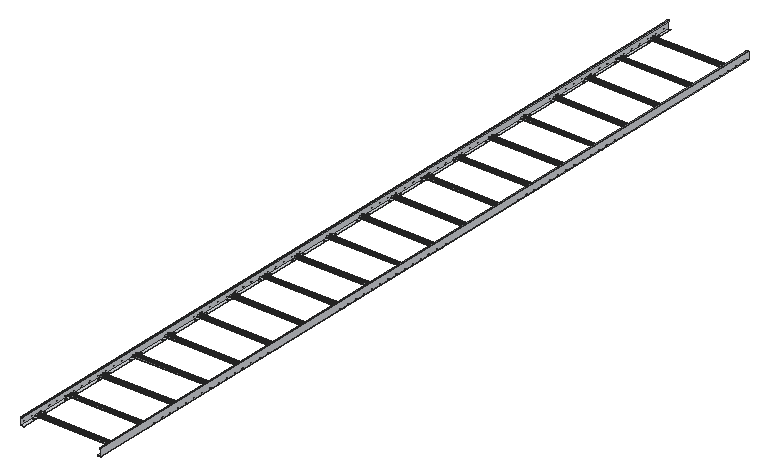
Revit family "Kabelleiter,Sprosse gelocht, geschweißt-LCIS 660 6 FS,FT,A2,A4", category Generic Models, Revit 2017 (continued)
Forms (mm)
  Extrusion 69, void
    sketch origin (0, 4950, 0) x (0, 1, 0) y (0, 0, 1)
      loop
        arc (50.5, 9.5) -> (51.207, 9.793) -> (51.5, 10.5) r 1
        line (51.5, 10.5) -> (51.5, 17.5)
        arc (51.5, 17.5) -> (51.207, 18.207) -> (50.5, 18.5) r 1
        line (50.5, 18.5) -> (24.5, 18.5)
    from 298.5 to 300
  Extrusion 70, void
    sketch origin (0, 5025, 0) x (0, 1, 0) y (0, 0, 1)
      loop
        arc (24.5, 18.5) -> (23.793, 18.207) -> (23.5, 17.5) r 1
        line (23.5, 17.5) -> (23.5, 10.5)
        arc (23.5, 10.5) -> (23.793, 9.793) -> (24.5, 9.5) r 1
        line (24.5, 9.5) -> (50.5, 9.5)
        arc (50.5, 9.5) -> (51.207, 9.793) -> (51.5, 10.5) r 1
        line (51.5, 10.5) -> (51.5, 17.5)
        arc (51.5, 17.5) -> (51.207, 18.207) -> (50.5, 18.5) r 1
        line (50.5, 18.5) -> (24.5, 18.5)
    from 298.5 to 300
  Extrusion 71, void
    sketch origin (0, 5100, 0) x (0, 1, 0) y (0, 0, 1)
      loop
        arc (24.5, 18.5) -> (23.793, 18.207) -> (23.5, 17.5) r 1
        line (23.5, 17.5) -> (23.5, 10.5)
        arc (23.5, 10.5) -> (23.793, 9.793) -> (24.5, 9.5) r 1
        line (24.5, 9.5) -> (50.5, 9.5)
        arc (50.5, 9.5) -> (51.207, 9.793) -> (51.5, 10.5) r 1
        line (51.5, 10.5) -> (51.5, 17.5)
        arc (51.5, 17.5) -> (51.207, 18.207) -> (50.5, 18.5) r 1
        line (50.5, 18.5) -> (24.5, 18.5)
    from 298.5 to 300
  Extrusion 72, void
    sketch origin (0, 5175, 0) x (0, 1, 0) y (0, 0, 1)
      loop
        arc (24.5, 18.5) -> (23.793, 18.207) -> (23.5, 17.5) r 1
        line (23.5, 17.5) -> (23.5, 10.5)
        arc (23.5, 10.5) -> (23.793, 9.793) -> (24.5, 9.5) r 1
        line (24.5, 9.5) -> (50.5, 9.5)
        arc (50.5, 9.5) -> (51.207, 9.793) -> (51.5, 10.5) r 1
        line (51.5, 10.5) -> (51.5, 17.5)
        arc (51.5, 17.5) -> (51.207, 18.207) -> (50.5, 18.5) r 1
        line (50.5, 18.5) -> (24.5, 18.5)
    from 298.5 to 300
  Extrusion 73, void
    sketch origin (0, 5250, 0) x (0, 1, 0) y (0, 0, 1)
      loop
        arc (24.5, 18.5) -> (23.793, 18.207) -> (23.5, 17.5) r 1
        line (23.5, 17.5) -> (23.5, 10.5)
        arc (23.5, 10.5) -> (23.793, 9.793) -> (24.5, 9.5) r 1
        line (24.5, 9.5) -> (50.5, 9.5)
        arc (50.5, 9.5) -> (51.207, 9.793) -> (51.5, 10.5) r 1
        line (51.5, 10.5) -> (51.5, 17.5)
        arc (51.5, 17.5) -> (51.207, 18.207) -> (50.5, 18.5) r 1
        line (50.5, 18.5) -> (24.5, 18.5)
    from 298.5 to 300
  Extrusion 74, void
    sketch origin (0, 5325, 0) x (0, 1, 0) y (0, 0, 1)
      loop
        arc (24.5, 18.5) -> (23.793, 18.207) -> (23.5, 17.5) r 1
        line (23.5, 17.5) -> (23.5, 10.5)
        arc (23.5, 10.5) -> (23.793, 9.793) -> (24.5, 9.5) r 1
        line (24.5, 9.5) -> (50.5, 9.5)
        arc (50.5, 9.5) -> (51.207, 9.793) -> (51.5, 10.5) r 1
        line (51.5, 10.5) -> (51.5, 17.5)
        arc (51.5, 17.5) -> (51.207, 18.207) -> (50.5, 18.5) r 1
        line (50.5, 18.5) -> (24.5, 18.5)
    from 298.5 to 300
  Extrusion 75, void
    sketch origin (0, 5400, 0) x (0, 1, 0) y (0, 0, 1)
      loop
        arc (24.5, 18.5) -> (23.793, 18.207) -> (23.5, 17.5) r 1
        line (23.5, 17.5) -> (23.5, 10.5)
        arc (23.5, 10.5) -> (23.793, 9.793) -> (24.5, 9.5) r 1
        line (24.5, 9.5) -> (50.5, 9.5)
        arc (50.5, 9.5) -> (51.207, 9.793) -> (51.5, 10.5) r 1
        line (51.5, 10.5) -> (51.5, 17.5)
        arc (51.5, 17.5) -> (51.207, 18.207) -> (50.5, 18.5) r 1
        line (50.5, 18.5) -> (24.5, 18.5)
    from 298.5 to 300
  Extrusion 76, void
    sketch origin (0, 5475, 0) x (0, 1, 0) y (0, 0, 1)
      loop
        arc (24.5, 18.5) -> (23.793, 18.207) -> (23.5, 17.5) r 1
        line (23.5, 17.5) -> (23.5, 10.5)
        arc (23.5, 10.5) -> (23.793, 9.793) -> (24.5, 9.5) r 1
        line (24.5, 9.5) -> (50.5, 9.5)
        arc (50.5, 9.5) -> (51.207, 9.793) -> (51.5, 10.5) r 1
        line (51.5, 10.5) -> (51.5, 17.5)
        arc (51.5, 17.5) -> (51.207, 18.207) -> (50.5, 18.5) r 1
        line (50.5, 18.5) -> (24.5, 18.5)
    from 298.5 to 300
  Extrusion 77, void
    sketch origin (0, 5550, 0) x (0, 1, 0) y (0, 0, 1)
      loop
        arc (24.5, 18.5) -> (23.793, 18.207) -> (23.5, 17.5) r 1
        line (23.5, 17.5) -> (23.5, 10.5)
        arc (23.5, 10.5) -> (23.793, 9.793) -> (24.5, 9.5) r 1
        line (24.5, 9.5) -> (50.5, 9.5)
        arc (50.5, 9.5) -> (51.207, 9.793) -> (51.5, 10.5) r 1
        line (51.5, 10.5) -> (51.5, 17.5)
        arc (51.5, 17.5) -> (51.207, 18.207) -> (50.5, 18.5) r 1
        line (50.5, 18.5) -> (24.5, 18.5)
    from 298.5 to 300
  Extrusion 78, void
    sketch origin (0, 5625, 0) x (0, 1, 0) y (0, 0, 1)
      loop
        arc (24.5, 18.5) -> (23.793, 18.207) -> (23.5, 17.5) r 1
        line (23.5, 17.5) -> (23.5, 10.5)
        arc (23.5, 10.5) -> (23.793, 9.793) -> (24.5, 9.5) r 1
        line (24.5, 9.5) -> (50.5, 9.5)
        arc (50.5, 9.5) -> (51.207, 9.793) -> (51.5, 10.5) r 1
        line (51.5, 10.5) -> (51.5, 17.5)
        arc (51.5, 17.5) -> (51.207, 18.207) -> (50.5, 18.5) r 1
        line (50.5, 18.5) -> (24.5, 18.5)
    from 298.5 to 300
  Extrusion 79, void
    sketch origin (0, 5700, 0) x (0, 1, 0) y (0, 0, 1)
      loop
        arc (24.5, 18.5) -> (23.793, 18.207) -> (23.5, 17.5) r 1
        line (23.5, 17.5) -> (23.5, 10.5)
        arc (23.5, 10.5) -> (23.793, 9.793) -> (24.5, 9.5) r 1
        line (24.5, 9.5) -> (50.5, 9.5)
        arc (50.5, 9.5) -> (51.207, 9.793) -> (51.5, 10.5) r 1
        line (51.5, 10.5) -> (51.5, 17.5)
        arc (51.5, 17.5) -> (51.207, 18.207) -> (50.5, 18.5) r 1
        line (50.5, 18.5) -> (24.5, 18.5)
    from 298.5 to 300
  Extrusion 80, void
    sketch origin (0, 5775, 0) x (0, 1, 0) y (0, 0, 1)
      loop
        arc (24.5, 18.5) -> (23.793, 18.207) -> (23.5, 17.5) r 1
        line (23.5, 17.5) -> (23.5, 10.5)
        arc (23.5, 10.5) -> (23.793, 9.793) -> (24.5, 9.5) r 1
        line (24.5, 9.5) -> (50.5, 9.5)
        arc (50.5, 9.5) -> (51.207, 9.793) -> (51.5, 10.5) r 1
        line (51.5, 10.5) -> (51.5, 17.5)
        arc (51.5, 17.5) -> (51.207, 18.207) -> (50.5, 18.5) r 1
        line (50.5, 18.5) -> (24.5, 18.5)
    from 298.5 to 300
  Extrusion 81, void
    sketch origin (0, 5850, 0) x (0, 1, 0) y (0, 0, 1)
      loop
        arc (24.5, 18.5) -> (23.793, 18.207) -> (23.5, 17.5) r 1
        line (23.5, 17.5) -> (23.5, 10.5)
        arc (23.5, 10.5) -> (23.793, 9.793) -> (24.5, 9.5) r 1
        line (24.5, 9.5) -> (50.5, 9.5)
        arc (50.5, 9.5) -> (51.207, 9.793) -> (51.5, 10.5) r 1
        line (51.5, 10.5) -> (51.5, 17.5)
        arc (51.5, 17.5) -> (51.207, 18.207) -> (50.5, 18.5) r 1
        line (50.5, 18.5) -> (24.5, 18.5)
    from 298.5 to 300
  Extrusion 82, void
    sketch origin (0, 5925, 0) x (0, 1, 0) y (0, 0, 1)
      loop
        arc (24.5, 18.5) -> (23.793, 18.207) -> (23.5, 17.5) r 1
        line (23.5, 17.5) -> (23.5, 10.5)
        arc (23.5, 10.5) -> (23.793, 9.793) -> (24.5, 9.5) r 1
        line (24.5, 9.5) -> (50.5, 9.5)
        arc (50.5, 9.5) -> (51.207, 9.793) -> (51.5, 10.5) r 1
        line (51.5, 10.5) -> (51.5, 17.5)
        arc (51.5, 17.5) -> (51.207, 18.207) -> (50.5, 18.5) r 1
        line (50.5, 18.5) -> (24.5, 18.5)
    from 298.5 to 300
  Extrusion 83, void
    sketch origin (0, 75, 0) x (0, 1, 0) y (0, 0, -1)
      loop
        line (24.5, -18.5) -> (50.5, -18.5)
        arc (50.5, -18.5) -> (51.207, -18.207) -> (51.5, -17.5) r 1
        line (51.5, -17.5) -> (51.5, -10.5)
        arc (51.5, -10.5) -> (51.207, -9.793) -> (50.5, -9.5) r 1
        line (50.5, -9.5) -> (24.5, -9.5)
        arc (24.5, -9.5) -> (23.793, -9.793) -> (23.5, -10.5) r 1
        line (23.5, -10.5) -> (23.5, -17.5)
        arc (23.5, -17.5) -> (23.793, -18.207) -> (24.5, -18.5) r 1
    from 298.5 to 300
  Extrusion 84, void
    sketch origin (0, 150, 0) x (0, 1, 0) y (0, 0, -1)
      loop
        line (24.5, -18.5) -> (50.5, -18.5)
        arc (50.5, -18.5) -> (51.207, -18.207) -> (51.5, -17.5) r 1
        line (51.5, -17.5) -> (51.5, -10.5)
        arc (51.5, -10.5) -> (51.207, -9.793) -> (50.5, -9.5) r 1
        line (50.5, -9.5) -> (24.5, -9.5)
        arc (24.5, -9.5) -> (23.793, -9.793) -> (23.5, -10.5) r 1
        line (23.5, -10.5) -> (23.5, -17.5)
        arc (23.5, -17.5) -> (23.793, -18.207) -> (24.5, -18.5) r 1
    from 298.5 to 300
  Extrusion 85, void
    sketch origin (0, 225, 0) x (0, 1, 0) y (0, 0, -1)
      loop
        line (24.5, -18.5) -> (50.5, -18.5)
        arc (50.5, -18.5) -> (51.207, -18.207) -> (51.5, -17.5) r 1
        line (51.5, -17.5) -> (51.5, -10.5)
        arc (51.5, -10.5) -> (51.207, -9.793) -> (50.5, -9.5) r 1
        line (50.5, -9.5) -> (24.5, -9.5)
        arc (24.5, -9.5) -> (23.793, -9.793) -> (23.5, -10.5) r 1
        line (23.5, -10.5) -> (23.5, -17.5)
        arc (23.5, -17.5) -> (23.793, -18.207) -> (24.5, -18.5) r 1
    from 298.5 to 300
  Extrusion 86, void
    sketch origin (0, 300, 0) x (0, 1, 0) y (0, 0, -1)
      loop
        line (24.5, -18.5) -> (50.5, -18.5)
        arc (50.5, -18.5) -> (51.207, -18.207) -> (51.5, -17.5) r 1
        line (51.5, -17.5) -> (51.5, -10.5)
        arc (51.5, -10.5) -> (51.207, -9.793) -> (50.5, -9.5) r 1
        line (50.5, -9.5) -> (24.5, -9.5)
        arc (24.5, -9.5) -> (23.793, -9.793) -> (23.5, -10.5) r 1
        line (23.5, -10.5) -> (23.5, -17.5)
        arc (23.5, -17.5) -> (23.793, -18.207) -> (24.5, -18.5) r 1
    from 298.5 to 300
  Extrusion 87, void
    sketch origin (0, 375, 0) x (0, 1, 0) y (0, 0, -1)
      loop
        line (24.5, -18.5) -> (50.5, -18.5)
        arc (50.5, -18.5) -> (51.207, -18.207) -> (51.5, -17.5) r 1
        line (51.5, -17.5) -> (51.5, -10.5)
        arc (51.5, -10.5) -> (51.207, -9.793) -> (50.5, -9.5) r 1
        line (50.5, -9.5) -> (24.5, -9.5)
        arc (24.5, -9.5) -> (23.793, -9.793) -> (23.5, -10.5) r 1
        line (23.5, -10.5) -> (23.5, -17.5)
        arc (23.5, -17.5) -> (23.793, -18.207) -> (24.5, -18.5) r 1
    from 298.5 to 300
  Extrusion 88, void
    sketch origin (0, 450, 0) x (0, 1, 0) y (0, 0, -1)
      loop
        line (24.5, -18.5) -> (50.5, -18.5)
        arc (50.5, -18.5) -> (51.207, -18.207) -> (51.5, -17.5) r 1
        line (51.5, -17.5) -> (51.5, -10.5)
        arc (51.5, -10.5) -> (51.207, -9.793) -> (50.5, -9.5) r 1
        line (50.5, -9.5) -> (24.5, -9.5)
        arc (24.5, -9.5) -> (23.793, -9.793) -> (23.5, -10.5) r 1
        line (23.5, -10.5) -> (23.5, -17.5)
        arc (23.5, -17.5) -> (23.793, -18.207) -> (24.5, -18.5) r 1
    from 298.5 to 300
  Extrusion 89, void
    sketch origin (0, 525, 0) x (0, 1, 0) y (0, 0, -1)
      loop
        line (24.5, -18.5) -> (50.5, -18.5)
        arc (50.5, -18.5) -> (51.207, -18.207) -> (51.5, -17.5) r 1
        line (51.5, -17.5) -> (51.5, -10.5)
        arc (51.5, -10.5) -> (51.207, -9.793) -> (50.5, -9.5) r 1
        line (50.5, -9.5) -> (24.5, -9.5)
        arc (24.5, -9.5) -> (23.793, -9.793) -> (23.5, -10.5) r 1
        line (23.5, -10.5) -> (23.5, -17.5)
        arc (23.5, -17.5) -> (23.793, -18.207) -> (24.5, -18.5) r 1
    from 298.5 to 300
  Extrusion 90, void
    sketch origin (0, 600, 0) x (0, 1, 0) y (0, 0, -1)
      loop
        line (24.5, -18.5) -> (50.5, -18.5)
        arc (50.5, -18.5) -> (51.207, -18.207) -> (51.5, -17.5) r 1
        line (51.5, -17.5) -> (51.5, -10.5)
        arc (51.5, -10.5) -> (51.207, -9.793) -> (50.5, -9.5) r 1
        line (50.5, -9.5) -> (24.5, -9.5)
        arc (24.5, -9.5) -> (23.793, -9.793) -> (23.5, -10.5) r 1
        line (23.5, -10.5) -> (23.5, -17.5)
        arc (23.5, -17.5) -> (23.793, -18.207) -> (24.5, -18.5) r 1
    from 298.5 to 300
  Extrusion 91, void
    sketch origin (0, 675, 0) x (0, 1, 0) y (0, 0, -1)
      loop
        line (24.5, -18.5) -> (50.5, -18.5)
        arc (50.5, -18.5) -> (51.207, -18.207) -> (51.5, -17.5) r 1
        line (51.5, -17.5) -> (51.5, -10.5)
        arc (51.5, -10.5) -> (51.207, -9.793) -> (50.5, -9.5) r 1
        line (50.5, -9.5) -> (24.5, -9.5)
        arc (24.5, -9.5) -> (23.793, -9.793) -> (23.5, -10.5) r 1
        line (23.5, -10.5) -> (23.5, -17.5)
        arc (23.5, -17.5) -> (23.793, -18.207) -> (24.5, -18.5) r 1
    from 298.5 to 300
  Extrusion 92, void
    sketch origin (0, 750, 0) x (0, 1, 0) y (0, 0, -1)
      loop
        line (24.5, -18.5) -> (50.5, -18.5)
        arc (50.5, -18.5) -> (51.207, -18.207) -> (51.5, -17.5) r 1
        line (51.5, -17.5) -> (51.5, -10.5)
        arc (51.5, -10.5) -> (51.207, -9.793) -> (50.5, -9.5) r 1
        line (50.5, -9.5) -> (24.5, -9.5)
        arc (24.5, -9.5) -> (23.793, -9.793) -> (23.5, -10.5) r 1
        line (23.5, -10.5) -> (23.5, -17.5)
        arc (23.5, -17.5) -> (23.793, -18.207) -> (24.5, -18.5) r 1
    from 298.5 to 300
  Extrusion 93, void
    sketch origin (0, 825, 0) x (0, 1, 0) y (0, 0, -1)
      loop
        line (24.5, -18.5) -> (50.5, -18.5)
        arc (50.5, -18.5) -> (51.207, -18.207) -> (51.5, -17.5) r 1
        line (51.5, -17.5) -> (51.5, -10.5)
        arc (51.5, -10.5) -> (51.207, -9.793) -> (50.5, -9.5) r 1
        line (50.5, -9.5) -> (24.5, -9.5)
        arc (24.5, -9.5) -> (23.793, -9.793) -> (23.5, -10.5) r 1
        line (23.5, -10.5) -> (23.5, -17.5)
        arc (23.5, -17.5) -> (23.793, -18.207) -> (24.5, -18.5) r 1
    from 298.5 to 300
  Extrusion 94, void
    sketch origin (0, 900, 0) x (0, 1, 0) y (0, 0, -1)
      loop
        line (24.5, -18.5) -> (50.5, -18.5)
        arc (50.5, -18.5) -> (51.207, -18.207) -> (51.5, -17.5) r 1
        line (51.5, -17.5) -> (51.5, -10.5)
        arc (51.5, -10.5) -> (51.207, -9.793) -> (50.5, -9.5) r 1
        line (50.5, -9.5) -> (24.5, -9.5)
        arc (24.5, -9.5) -> (23.793, -9.793) -> (23.5, -10.5) r 1
        line (23.5, -10.5) -> (23.5, -17.5)
        arc (23.5, -17.5) -> (23.793, -18.207) -> (24.5, -18.5) r 1
    from 298.5 to 300
  Extrusion 95, void
    sketch origin (0, 975, 0) x (0, 1, 0) y (0, 0, -1)
      loop
        line (24.5, -18.5) -> (50.5, -18.5)
        arc (50.5, -18.5) -> (51.207, -18.207) -> (51.5, -17.5) r 1
        line (51.5, -17.5) -> (51.5, -10.5)
        arc (51.5, -10.5) -> (51.207, -9.793) -> (50.5, -9.5) r 1
        line (50.5, -9.5) -> (24.5, -9.5)
        arc (24.5, -9.5) -> (23.793, -9.793) -> (23.5, -10.5) r 1
        line (23.5, -10.5) -> (23.5, -17.5)
        arc (23.5, -17.5) -> (23.793, -18.207) -> (24.5, -18.5) r 1
    from 298.5 to 300
  Extrusion 96, void
    sketch origin (0, 1050, 0) x (0, 1, 0) y (0, 0, -1)
      loop
        line (24.5, -18.5) -> (50.5, -18.5)
        arc (50.5, -18.5) -> (51.207, -18.207) -> (51.5, -17.5) r 1
        line (51.5, -17.5) -> (51.5, -10.5)
        arc (51.5, -10.5) -> (51.207, -9.793) -> (50.5, -9.5) r 1
        line (50.5, -9.5) -> (24.5, -9.5)
        arc (24.5, -9.5) -> (23.793, -9.793) -> (23.5, -10.5) r 1
        line (23.5, -10.5) -> (23.5, -17.5)
        arc (23.5, -17.5) -> (23.793, -18.207) -> (24.5, -18.5) r 1
    from 298.5 to 300
  Extrusion 97, void
    sketch origin (0, 1125, 0) x (0, 1, 0) y (0, 0, -1)
      loop
        line (24.5, -18.5) -> (50.5, -18.5)
        arc (50.5, -18.5) -> (51.207, -18.207) -> (51.5, -17.5) r 1
        line (51.5, -17.5) -> (51.5, -10.5)
        arc (51.5, -10.5) -> (51.207, -9.793) -> (50.5, -9.5) r 1
        line (50.5, -9.5) -> (24.5, -9.5)
        arc (24.5, -9.5) -> (23.793, -9.793) -> (23.5, -10.5) r 1
        line (23.5, -10.5) -> (23.5, -17.5)
        arc (23.5, -17.5) -> (23.793, -18.207) -> (24.5, -18.5) r 1
    from 298.5 to 300
  Extrusion 98, void
    sketch origin (0, 1200, 0) x (0, 1, 0) y (0, 0, -1)
      loop
        line (24.5, -18.5) -> (50.5, -18.5)
        arc (50.5, -18.5) -> (51.207, -18.207) -> (51.5, -17.5) r 1
        line (51.5, -17.5) -> (51.5, -10.5)
        arc (51.5, -10.5) -> (51.207, -9.793) -> (50.5, -9.5) r 1
        line (50.5, -9.5) -> (24.5, -9.5)
        arc (24.5, -9.5) -> (23.793, -9.793) -> (23.5, -10.5) r 1
        line (23.5, -10.5) -> (23.5, -17.5)
        arc (23.5, -17.5) -> (23.793, -18.207) -> (24.5, -18.5) r 1
    from 298.5 to 300
  Extrusion 99, void
    sketch origin (0, 1275, 0) x (0, 1, 0) y (0, 0, -1)
      loop
        line (24.5, -18.5) -> (50.5, -18.5)
        arc (50.5, -18.5) -> (51.207, -18.207) -> (51.5, -17.5) r 1
        line (51.5, -17.5) -> (51.5, -10.5)
        arc (51.5, -10.5) -> (51.207, -9.793) -> (50.5, -9.5) r 1
        line (50.5, -9.5) -> (24.5, -9.5)
        arc (24.5, -9.5) -> (23.793, -9.793) -> (23.5, -10.5) r 1
        line (23.5, -10.5) -> (23.5, -17.5)
        arc (23.5, -17.5) -> (23.793, -18.207) -> (24.5, -18.5) r 1
    from 298.5 to 300
  Extrusion 100, void
    sketch origin (0, 1350, 0) x (0, 1, 0) y (0, 0, -1)
      loop
        line (24.5, -18.5) -> (50.5, -18.5)
        arc (50.5, -18.5) -> (51.207, -18.207) -> (51.5, -17.5) r 1
        line (51.5, -17.5) -> (51.5, -10.5)
        arc (51.5, -10.5) -> (51.207, -9.793) -> (50.5, -9.5) r 1
        line (50.5, -9.5) -> (24.5, -9.5)
        arc (24.5, -9.5) -> (23.793, -9.793) -> (23.5, -10.5) r 1
        line (23.5, -10.5) -> (23.5, -17.5)
        arc (23.5, -17.5) -> (23.793, -18.207) -> (24.5, -18.5) r 1
    from 298.5 to 300
  Extrusion 101, void
    sketch origin (0, 1425, 0) x (0, 1, 0) y (0, 0, -1)
      loop
        line (24.5, -18.5) -> (50.5, -18.5)
        arc (50.5, -18.5) -> (51.207, -18.207) -> (51.5, -17.5) r 1
        line (51.5, -17.5) -> (51.5, -10.5)
        arc (51.5, -10.5) -> (51.207, -9.793) -> (50.5, -9.5) r 1
        line (50.5, -9.5) -> (24.5, -9.5)
        arc (24.5, -9.5) -> (23.793, -9.793) -> (23.5, -10.5) r 1
        line (23.5, -10.5) -> (23.5, -17.5)
        arc (23.5, -17.5) -> (23.793, -18.207) -> (24.5, -18.5) r 1
    from 298.5 to 300
  Extrusion 102, void
    sketch origin (0, 1500, 0) x (0, 1, 0) y (0, 0, -1)
      loop
        line (24.5, -18.5) -> (50.5, -18.5)
        arc (50.5, -18.5) -> (51.207, -18.207) -> (51.5, -17.5) r 1
        line (51.5, -17.5) -> (51.5, -10.5)
        arc (51.5, -10.5) -> (51.207, -9.793) -> (50.5, -9.5) r 1
        line (50.5, -9.5) -> (24.5, -9.5)
        arc (24.5, -9.5) -> (23.793, -9.793) -> (23.5, -10.5) r 1
        line (23.5, -10.5) -> (23.5, -17.5)
        arc (23.5, -17.5) -> (23.793, -18.207) -> (24.5, -18.5) r 1
    from 298.5 to 300
  Extrusion 103, void
    sketch origin (0, 1575, 0) x (0, 1, 0) y (0, 0, -1)
      loop
        line (24.5, -18.5) -> (50.5, -18.5)
        arc (50.5, -18.5) -> (51.207, -18.207) -> (51.5, -17.5) r 1
        line (51.5, -17.5) -> (51.5, -10.5)
        arc (51.5, -10.5) -> (51.207, -9.793) -> (50.5, -9.5) r 1
        line (50.5, -9.5) -> (24.5, -9.5)
        arc (24.5, -9.5) -> (23.793, -9.793) -> (23.5, -10.5) r 1
        line (23.5, -10.5) -> (23.5, -17.5)
        arc (23.5, -17.5) -> (23.793, -18.207) -> (24.5, -18.5) r 1
    from 298.5 to 300
  Extrusion 104, void
    sketch origin (0, 1650, 0) x (0, 1, 0) y (0, 0, -1)
      loop
        line (24.5, -18.5) -> (50.5, -18.5)
        arc (50.5, -18.5) -> (51.207, -18.207) -> (51.5, -17.5) r 1
        line (51.5, -17.5) -> (51.5, -10.5)
        arc (51.5, -10.5) -> (51.207, -9.793) -> (50.5, -9.5) r 1
        line (50.5, -9.5) -> (24.5, -9.5)
        arc (24.5, -9.5) -> (23.793, -9.793) -> (23.5, -10.5) r 1
        line (23.5, -10.5) -> (23.5, -17.5)
        arc (23.5, -17.5) -> (23.793, -18.207) -> (24.5, -18.5) r 1
    from 298.5 to 300
  Extrusion 105, void
    sketch origin (0, 1725, 0) x (0, 1, 0) y (0, 0, -1)
      loop
        line (24.5, -18.5) -> (50.5, -18.5)
        arc (50.5, -18.5) -> (51.207, -18.207) -> (51.5, -17.5) r 1
        line (51.5, -17.5) -> (51.5, -10.5)
        arc (51.5, -10.5) -> (51.207, -9.793) -> (50.5, -9.5) r 1
        line (50.5, -9.5) -> (24.5, -9.5)
        arc (24.5, -9.5) -> (23.793, -9.793) -> (23.5, -10.5) r 1
        line (23.5, -10.5) -> (23.5, -17.5)
        arc (23.5, -17.5) -> (23.793, -18.207) -> (24.5, -18.5) r 1
    from 298.5 to 300
  Extrusion 106, void
    sketch origin (0, 1800, 0) x (0, 1, 0) y (0, 0, -1)
      loop
        line (24.5, -18.5) -> (50.5, -18.5)
        arc (50.5, -18.5) -> (51.207, -18.207) -> (51.5, -17.5) r 1
        line (51.5, -17.5) -> (51.5, -10.5)
        arc (51.5, -10.5) -> (51.207, -9.793) -> (50.5, -9.5) r 1
        line (50.5, -9.5) -> (24.5, -9.5)
        arc (24.5, -9.5) -> (23.793, -9.793) -> (23.5, -10.5) r 1
        line (23.5, -10.5) -> (23.5, -17.5)
        arc (23.5, -17.5) -> (23.793, -18.207) -> (24.5, -18.5) r 1
    from 298.5 to 300
  Extrusion 107, void
    sketch origin (0, 1875, 0) x (0, 1, 0) y (0, 0, -1)
      loop
        line (24.5, -18.5) -> (50.5, -18.5)
        arc (50.5, -18.5) -> (51.207, -18.207) -> (51.5, -17.5) r 1
        line (51.5, -17.5) -> (51.5, -10.5)
        arc (51.5, -10.5) -> (51.207, -9.793) -> (50.5, -9.5) r 1
        line (50.5, -9.5) -> (24.5, -9.5)
        arc (24.5, -9.5) -> (23.793, -9.793) -> (23.5, -10.5) r 1
        line (23.5, -10.5) -> (23.5, -17.5)
        arc (23.5, -17.5) -> (23.793, -18.207) -> (24.5, -18.5) r 1
    from 298.5 to 300
  Extrusion 108, void
    sketch origin (0, 1950, 0) x (0, 1, 0) y (0, 0, -1)
      loop
        line (24.5, -18.5) -> (50.5, -18.5)
        arc (50.5, -18.5) -> (51.207, -18.207) -> (51.5, -17.5) r 1
        line (51.5, -17.5) -> (51.5, -10.5)
        arc (51.5, -10.5) -> (51.207, -9.793) -> (50.5, -9.5) r 1
        line (50.5, -9.5) -> (24.5, -9.5)
        arc (24.5, -9.5) -> (23.793, -9.793) -> (23.5, -10.5) r 1
        line (23.5, -10.5) -> (23.5, -17.5)
        arc (23.5, -17.5) -> (23.793, -18.207) -> (24.5, -18.5) r 1
    from 298.5 to 300
  Extrusion 109, void
    sketch origin (0, 2025, 0) x (0, 1, 0) y (0, 0, -1)
      loop
        line (24.5, -18.5) -> (50.5, -18.5)
        arc (50.5, -18.5) -> (51.207, -18.207) -> (51.5, -17.5) r 1
        line (51.5, -17.5) -> (51.5, -10.5)
        arc (51.5, -10.5) -> (51.207, -9.793) -> (50.5, -9.5) r 1
        line (50.5, -9.5) -> (24.5, -9.5)
        arc (24.5, -9.5) -> (23.793, -9.793) -> (23.5, -10.5) r 1
        line (23.5, -10.5) -> (23.5, -17.5)
        arc (23.5, -17.5) -> (23.793, -18.207) -> (24.5, -18.5) r 1
    from 298.5 to 300
  Extrusion 110, void
    sketch origin (0, 2100, 0) x (0, 1, 0) y (0, 0, -1)
      loop
        line (24.5, -18.5) -> (50.5, -18.5)
        arc (50.5, -18.5) -> (51.207, -18.207) -> (51.5, -17.5) r 1
        line (51.5, -17.5) -> (51.5, -10.5)
        arc (51.5, -10.5) -> (51.207, -9.793) -> (50.5, -9.5) r 1
        line (50.5, -9.5) -> (24.5, -9.5)
        arc (24.5, -9.5) -> (23.793, -9.793) -> (23.5, -10.5) r 1
        line (23.5, -10.5) -> (23.5, -17.5)
        arc (23.5, -17.5) -> (23.793, -18.207) -> (24.5, -18.5) r 1
    from 298.5 to 300
  Extrusion 111, void
    sketch origin (0, 2175, 0) x (0, 1, 0) y (0, 0, -1)
      loop
        line (24.5, -18.5) -> (50.5, -18.5)
        arc (50.5, -18.5) -> (51.207, -18.207) -> (51.5, -17.5) r 1
        line (51.5, -17.5) -> (51.5, -10.5)
        arc (51.5, -10.5) -> (51.207, -9.793) -> (50.5, -9.5) r 1
        line (50.5, -9.5) -> (24.5, -9.5)
        arc (24.5, -9.5) -> (23.793, -9.793) -> (23.5, -10.5) r 1
        line (23.5, -10.5) -> (23.5, -17.5)
        arc (23.5, -17.5) -> (23.793, -18.207) -> (24.5, -18.5) r 1
    from 298.5 to 300
  Extrusion 112, void
    sketch origin (0, 2250, 0) x (0, 1, 0) y (0, 0, -1)
      loop
        line (24.5, -18.5) -> (50.5, -18.5)
        arc (50.5, -18.5) -> (51.207, -18.207) -> (51.5, -17.5) r 1
        line (51.5, -17.5) -> (51.5, -10.5)
        arc (51.5, -10.5) -> (51.207, -9.793) -> (50.5, -9.5) r 1
        line (50.5, -9.5) -> (24.5, -9.5)
        arc (24.5, -9.5) -> (23.793, -9.793) -> (23.5, -10.5) r 1
        line (23.5, -10.5) -> (23.5, -17.5)
        arc (23.5, -17.5) -> (23.793, -18.207) -> (24.5, -18.5) r 1
    from 298.5 to 300
  Extrusion 113, void
    sketch origin (0, 2325, 0) x (0, 1, 0) y (0, 0, -1)
      loop
        line (24.5, -18.5) -> (50.5, -18.5)
        arc (50.5, -18.5) -> (51.207, -18.207) -> (51.5, -17.5) r 1
        line (51.5, -17.5) -> (51.5, -10.5)
        arc (51.5, -10.5) -> (51.207, -9.793) -> (50.5, -9.5) r 1
        line (50.5, -9.5) -> (24.5, -9.5)
        arc (24.5, -9.5) -> (23.793, -9.793) -> (23.5, -10.5) r 1
        line (23.5, -10.5) -> (23.5, -17.5)
        arc (23.5, -17.5) -> (23.793, -18.207) -> (24.5, -18.5) r 1
    from 298.5 to 300
  Extrusion 114, void
    sketch origin (0, 2400, 0) x (0, 1, 0) y (0, 0, -1)
      loop
        line (24.5, -18.5) -> (50.5, -18.5)
        arc (50.5, -18.5) -> (51.207, -18.207) -> (51.5, -17.5) r 1
        line (51.5, -17.5) -> (51.5, -10.5)
        arc (51.5, -10.5) -> (51.207, -9.793) -> (50.5, -9.5) r 1
        line (50.5, -9.5) -> (24.5, -9.5)
        arc (24.5, -9.5) -> (23.793, -9.793) -> (23.5, -10.5) r 1
        line (23.5, -10.5) -> (23.5, -17.5)
        arc (23.5, -17.5) -> (23.793, -18.207) -> (24.5, -18.5) r 1
    from 298.5 to 300
  Extrusion 115, void
    sketch origin (0, 2475, 0) x (0, 1, 0) y (0, 0, -1)
      loop
        line (24.5, -18.5) -> (50.5, -18.5)
        arc (50.5, -18.5) -> (51.207, -18.207) -> (51.5, -17.5) r 1
        line (51.5, -17.5) -> (51.5, -10.5)
        arc (51.5, -10.5) -> (51.207, -9.793) -> (50.5, -9.5) r 1
        line (50.5, -9.5) -> (24.5, -9.5)
        arc (24.5, -9.5) -> (23.793, -9.793) -> (23.5, -10.5) r 1
        line (23.5, -10.5) -> (23.5, -17.5)
        arc (23.5, -17.5) -> (23.793, -18.207) -> (24.5, -18.5) r 1
    from 298.5 to 300
  Extrusion 116, void
    sketch origin (0, 2550, 0) x (0, 1, 0) y (0, 0, -1)
      loop
        line (24.5, -18.5) -> (50.5, -18.5)
        arc (50.5, -18.5) -> (51.207, -18.207) -> (51.5, -17.5) r 1
        line (51.5, -17.5) -> (51.5, -10.5)
        arc (51.5, -10.5) -> (51.207, -9.793) -> (50.5, -9.5) r 1
        line (50.5, -9.5) -> (24.5, -9.5)
        arc (24.5, -9.5) -> (23.793, -9.793) -> (23.5, -10.5) r 1
        line (23.5, -10.5) -> (23.5, -17.5)
        arc (23.5, -17.5) -> (23.793, -18.207) -> (24.5, -18.5) r 1
    from 298.5 to 300
  Extrusion 117, void
    sketch origin (0, 2625, 0) x (0, 1, 0) y (0, 0, -1)
      loop
        line (24.5, -18.5) -> (50.5, -18.5)
        arc (50.5, -18.5) -> (51.207, -18.207) -> (51.5, -17.5) r 1
        line (51.5, -17.5) -> (51.5, -10.5)
        arc (51.5, -10.5) -> (51.207, -9.793) -> (50.5, -9.5) r 1
        line (50.5, -9.5) -> (24.5, -9.5)
        arc (24.5, -9.5) -> (23.793, -9.793) -> (23.5, -10.5) r 1
        line (23.5, -10.5) -> (23.5, -17.5)
        arc (23.5, -17.5) -> (23.793, -18.207) -> (24.5, -18.5) r 1
    from 298.5 to 300
  Extrusion 118, void
    sketch origin (0, 2700, 0) x (0, 1, 0) y (0, 0, -1)
      loop
        line (24.5, -18.5) -> (50.5, -18.5)
        arc (50.5, -18.5) -> (51.207, -18.207) -> (51.5, -17.5) r 1
        line (51.5, -17.5) -> (51.5, -10.5)
        arc (51.5, -10.5) -> (51.207, -9.793) -> (50.5, -9.5) r 1
        line (50.5, -9.5) -> (24.5, -9.5)
        arc (24.5, -9.5) -> (23.793, -9.793) -> (23.5, -10.5) r 1
        line (23.5, -10.5) -> (23.5, -17.5)
        arc (23.5, -17.5) -> (23.793, -18.207) -> (24.5, -18.5) r 1
    from 298.5 to 300
  Extrusion 119, void
    sketch origin (0, 2775, 0) x (0, 1, 0) y (0, 0, -1)
      loop
        line (24.5, -18.5) -> (50.5, -18.5)
        arc (50.5, -18.5) -> (51.207, -18.207) -> (51.5, -17.5) r 1
        line (51.5, -17.5) -> (51.5, -10.5)
        arc (51.5, -10.5) -> (51.207, -9.793) -> (50.5, -9.5) r 1
        line (50.5, -9.5) -> (24.5, -9.5)
        arc (24.5, -9.5) -> (23.793, -9.793) -> (23.5, -10.5) r 1
        line (23.5, -10.5) -> (23.5, -17.5)
        arc (23.5, -17.5) -> (23.793, -18.207) -> (24.5, -18.5) r 1
    from 298.5 to 300
  Extrusion 120, void
    sketch origin (0, 2850, 0) x (0, 1, 0) y (0, 0, -1)
      loop
        line (24.5, -18.5) -> (50.5, -18.5)
        arc (50.5, -18.5) -> (51.207, -18.207) -> (51.5, -17.5) r 1
        line (51.5, -17.5) -> (51.5, -10.5)
        arc (51.5, -10.5) -> (51.207, -9.793) -> (50.5, -9.5) r 1
        line (50.5, -9.5) -> (24.5, -9.5)
        arc (24.5, -9.5) -> (23.793, -9.793) -> (23.5, -10.5) r 1
        line (23.5, -10.5) -> (23.5, -17.5)
        arc (23.5, -17.5) -> (23.793, -18.207) -> (24.5, -18.5) r 1
    from 298.5 to 300
  Extrusion 121, void
    sketch origin (0, 2925, 0) x (0, 1, 0) y (0, 0, -1)
      loop
        line (24.5, -18.5) -> (50.5, -18.5)
        arc (50.5, -18.5) -> (51.207, -18.207) -> (51.5, -17.5) r 1
        line (51.5, -17.5) -> (51.5, -10.5)
        arc (51.5, -10.5) -> (51.207, -9.793) -> (50.5, -9.5) r 1
        line (50.5, -9.5) -> (24.5, -9.5)
        arc (24.5, -9.5) -> (23.793, -9.793) -> (23.5, -10.5) r 1
        line (23.5, -10.5) -> (23.5, -17.5)
        arc (23.5, -17.5) -> (23.793, -18.207) -> (24.5, -18.5) r 1
    from 298.5 to 300
  Extrusion 122, void
    sketch origin (0, 3000, 0) x (0, 1, 0) y (0, 0, -1)
      loop
        line (24.5, -18.5) -> (50.5, -18.5)
        arc (50.5, -18.5) -> (51.207, -18.207) -> (51.5, -17.5) r 1
        line (51.5, -17.5) -> (51.5, -10.5)
        arc (51.5, -10.5) -> (51.207, -9.793) -> (50.5, -9.5) r 1
        line (50.5, -9.5) -> (24.5, -9.5)
        arc (24.5, -9.5) -> (23.793, -9.793) -> (23.5, -10.5) r 1
        line (23.5, -10.5) -> (23.5, -17.5)
        arc (23.5, -17.5) -> (23.793, -18.207) -> (24.5, -18.5) r 1
    from 298.5 to 300
  Extrusion 123, void
    sketch origin (0, 3075, 0) x (0, 1, 0) y (0, 0, -1)
      loop
        line (24.5, -18.5) -> (50.5, -18.5)
        arc (50.5, -18.5) -> (51.207, -18.207) -> (51.5, -17.5) r 1
        line (51.5, -17.5) -> (51.5, -10.5)
        arc (51.5, -10.5) -> (51.207, -9.793) -> (50.5, -9.5) r 1
        line (50.5, -9.5) -> (24.5, -9.5)
        arc (24.5, -9.5) -> (23.793, -9.793) -> (23.5, -10.5) r 1
        line (23.5, -10.5) -> (23.5, -17.5)
        arc (23.5, -17.5) -> (23.793, -18.207) -> (24.5, -18.5) r 1
    from 298.5 to 300
  Extrusion 124, void
    sketch origin (0, 3150, 0) x (0, 1, 0) y (0, 0, -1)
      loop
        line (24.5, -18.5) -> (50.5, -18.5)
        arc (50.5, -18.5) -> (51.207, -18.207) -> (51.5, -17.5) r 1
        line (51.5, -17.5) -> (51.5, -10.5)
        arc (51.5, -10.5) -> (51.207, -9.793) -> (50.5, -9.5) r 1
        line (50.5, -9.5) -> (24.5, -9.5)
        arc (24.5, -9.5) -> (23.793, -9.793) -> (23.5, -10.5) r 1
        line (23.5, -10.5) -> (23.5, -17.5)
        arc (23.5, -17.5) -> (23.793, -18.207) -> (24.5, -18.5) r 1
    from 298.5 to 300
  Extrusion 125, void
    sketch origin (0, 3225, 0) x (0, 1, 0) y (0, 0, -1)
      loop
        line (24.5, -18.5) -> (50.5, -18.5)
        arc (50.5, -18.5) -> (51.207, -18.207) -> (51.5, -17.5) r 1
        line (51.5, -17.5) -> (51.5, -10.5)
        arc (51.5, -10.5) -> (51.207, -9.793) -> (50.5, -9.5) r 1
        line (50.5, -9.5) -> (24.5, -9.5)
        arc (24.5, -9.5) -> (23.793, -9.793) -> (23.5, -10.5) r 1
        line (23.5, -10.5) -> (23.5, -17.5)
        arc (23.5, -17.5) -> (23.793, -18.207) -> (24.5, -18.5) r 1
    from 298.5 to 300
  Extrusion 126, void
    sketch origin (0, 3300, 0) x (0, 1, 0) y (0, 0, -1)
      loop
        line (24.5, -18.5) -> (50.5, -18.5)
        arc (50.5, -18.5) -> (51.207, -18.207) -> (51.5, -17.5) r 1
        line (51.5, -17.5) -> (51.5, -10.5)
        arc (51.5, -10.5) -> (51.207, -9.793) -> (50.5, -9.5) r 1
        line (50.5, -9.5) -> (24.5, -9.5)
        arc (24.5, -9.5) -> (23.793, -9.793) -> (23.5, -10.5) r 1
        line (23.5, -10.5) -> (23.5, -17.5)
        arc (23.5, -17.5) -> (23.793, -18.207) -> (24.5, -18.5) r 1
    from 298.5 to 300
  Extrusion 127, void
    sketch origin (0, 3375, 0) x (0, 1, 0) y (0, 0, -1)
      loop
        line (24.5, -18.5) -> (50.5, -18.5)
        arc (50.5, -18.5) -> (51.207, -18.207) -> (51.5, -17.5) r 1
        line (51.5, -17.5) -> (51.5, -10.5)
        arc (51.5, -10.5) -> (51.207, -9.793) -> (50.5, -9.5) r 1
        line (50.5, -9.5) -> (24.5, -9.5)
        arc (24.5, -9.5) -> (23.793, -9.793) -> (23.5, -10.5) r 1
        line (23.5, -10.5) -> (23.5, -17.5)
        arc (23.5, -17.5) -> (23.793, -18.207) -> (24.5, -18.5) r 1
    from 298.5 to 300
  Extrusion 128, void
    sketch origin (0, 3450, 0) x (0, 1, 0) y (0, 0, -1)
      loop
        line (24.5, -18.5) -> (50.5, -18.5)
        arc (50.5, -18.5) -> (51.207, -18.207) -> (51.5, -17.5) r 1
        line (51.5, -17.5) -> (51.5, -10.5)
        arc (51.5, -10.5) -> (51.207, -9.793) -> (50.5, -9.5) r 1
        line (50.5, -9.5) -> (24.5, -9.5)
        arc (24.5, -9.5) -> (23.793, -9.793) -> (23.5, -10.5) r 1
        line (23.5, -10.5) -> (23.5, -17.5)
        arc (23.5, -17.5) -> (23.793, -18.207) -> (24.5, -18.5) r 1
    from 298.5 to 300
  Extrusion 129, void
    sketch origin (0, 3525, 0) x (0, 1, 0) y (0, 0, -1)
      loop
        line (24.5, -18.5) -> (50.5, -18.5)
        arc (50.5, -18.5) -> (51.207, -18.207) -> (51.5, -17.5) r 1
        line (51.5, -17.5) -> (51.5, -10.5)
        arc (51.5, -10.5) -> (51.207, -9.793) -> (50.5, -9.5) r 1
        line (50.5, -9.5) -> (24.5, -9.5)
        arc (24.5, -9.5) -> (23.793, -9.793) -> (23.5, -10.5) r 1
        line (23.5, -10.5) -> (23.5, -17.5)
        arc (23.5, -17.5) -> (23.793, -18.207) -> (24.5, -18.5) r 1
    from 298.5 to 300
  Extrusion 130, void
    sketch origin (0, 3600, 0) x (0, 1, 0) y (0, 0, -1)
      loop
        line (24.5, -18.5) -> (50.5, -18.5)
        arc (50.5, -18.5) -> (51.207, -18.207) -> (51.5, -17.5) r 1
        line (51.5, -17.5) -> (51.5, -10.5)
        arc (51.5, -10.5) -> (51.207, -9.793) -> (50.5, -9.5) r 1
        line (50.5, -9.5) -> (24.5, -9.5)
        arc (24.5, -9.5) -> (23.793, -9.793) -> (23.5, -10.5) r 1
        line (23.5, -10.5) -> (23.5, -17.5)
        arc (23.5, -17.5) -> (23.793, -18.207) -> (24.5, -18.5) r 1
    from 298.5 to 300
  Extrusion 131, void
    sketch origin (0, 3675, 0) x (0, 1, 0) y (0, 0, -1)
      loop
        line (24.5, -18.5) -> (50.5, -18.5)
        arc (50.5, -18.5) -> (51.207, -18.207) -> (51.5, -17.5) r 1
        line (51.5, -17.5) -> (51.5, -10.5)
        arc (51.5, -10.5) -> (51.207, -9.793) -> (50.5, -9.5) r 1
        line (50.5, -9.5) -> (24.5, -9.5)
        arc (24.5, -9.5) -> (23.793, -9.793) -> (23.5, -10.5) r 1
        line (23.5, -10.5) -> (23.5, -17.5)
        arc (23.5, -17.5) -> (23.793, -18.207) -> (24.5, -18.5) r 1
    from 298.5 to 300
  Extrusion 132, void
    sketch origin (0, 3750, 0) x (0, 1, 0) y (0, 0, -1)
      loop
        line (24.5, -18.5) -> (50.5, -18.5)
        arc (50.5, -18.5) -> (51.207, -18.207) -> (51.5, -17.5) r 1
        line (51.5, -17.5) -> (51.5, -10.5)
        arc (51.5, -10.5) -> (51.207, -9.793) -> (50.5, -9.5) r 1
        line (50.5, -9.5) -> (24.5, -9.5)
        arc (24.5, -9.5) -> (23.793, -9.793) -> (23.5, -10.5) r 1
        line (23.5, -10.5) -> (23.5, -17.5)
        arc (23.5, -17.5) -> (23.793, -18.207) -> (24.5, -18.5) r 1
    from 298.5 to 300
  Extrusion 133, void
    sketch origin (0, 3825, 0) x (0, 1, 0) y (0, 0, -1)
      loop
        line (24.5, -18.5) -> (50.5, -18.5)
        arc (50.5, -18.5) -> (51.207, -18.207) -> (51.5, -17.5) r 1
        line (51.5, -17.5) -> (51.5, -10.5)
        arc (51.5, -10.5) -> (51.207, -9.793) -> (50.5, -9.5) r 1
        line (50.5, -9.5) -> (24.5, -9.5)
        arc (24.5, -9.5) -> (23.793, -9.793) -> (23.5, -10.5) r 1
        line (23.5, -10.5) -> (23.5, -17.5)
        arc (23.5, -17.5) -> (23.793, -18.207) -> (24.5, -18.5) r 1
    from 298.5 to 300
  Extrusion 134, void
    sketch origin (0, 3900, 0) x (0, 1, 0) y (0, 0, -1)
      loop
        line (24.5, -18.5) -> (50.5, -18.5)
        arc (50.5, -18.5) -> (51.207, -18.207) -> (51.5, -17.5) r 1
        line (51.5, -17.5) -> (51.5, -10.5)
        arc (51.5, -10.5) -> (51.207, -9.793) -> (50.5, -9.5) r 1
        line (50.5, -9.5) -> (24.5, -9.5)
        arc (24.5, -9.5) -> (23.793, -9.793) -> (23.5, -10.5) r 1
        line (23.5, -10.5) -> (23.5, -17.5)
        arc (23.5, -17.5) -> (23.793, -18.207) -> (24.5, -18.5) r 1
    from 298.5 to 300
  Extrusion 135, void
    sketch origin (0, 3975, 0) x (0, 1, 0) y (0, 0, -1)
      loop
        line (24.5, -18.5) -> (50.5, -18.5)
        arc (50.5, -18.5) -> (51.207, -18.207) -> (51.5, -17.5) r 1
        line (51.5, -17.5) -> (51.5, -10.5)
        arc (51.5, -10.5) -> (51.207, -9.793) -> (50.5, -9.5) r 1
        line (50.5, -9.5) -> (24.5, -9.5)
        arc (24.5, -9.5) -> (23.793, -9.793) -> (23.5, -10.5) r 1
        line (23.5, -10.5) -> (23.5, -17.5)
        arc (23.5, -17.5) -> (23.793, -18.207) -> (24.5, -18.5) r 1
    from 298.5 to 300
  Extrusion 136, void
    sketch origin (0, 4050, 0) x (0, 1, 0) y (0, 0, -1)
      loop
        line (24.5, -18.5) -> (50.5, -18.5)
        arc (50.5, -18.5) -> (51.207, -18.207) -> (51.5, -17.5) r 1
        line (51.5, -17.5) -> (51.5, -10.5)
        arc (51.5, -10.5) -> (51.207, -9.793) -> (50.5, -9.5) r 1
        line (50.5, -9.5) -> (24.5, -9.5)
        arc (24.5, -9.5) -> (23.793, -9.793) -> (23.5, -10.5) r 1
        line (23.5, -10.5) -> (23.5, -17.5)
        arc (23.5, -17.5) -> (23.793, -18.207) -> (24.5, -18.5) r 1
    from 298.5 to 300
  Extrusion 137, void
    sketch origin (0, 4125, 0) x (0, 1, 0) y (0, 0, -1)
      loop
        line (24.5, -18.5) -> (50.5, -18.5)
        arc (50.5, -18.5) -> (51.207, -18.207) -> (51.5, -17.5) r 1
        line (51.5, -17.5) -> (51.5, -10.5)
        arc (51.5, -10.5) -> (51.207, -9.793) -> (50.5, -9.5) r 1
        line (50.5, -9.5) -> (24.5, -9.5)
        arc (24.5, -9.5) -> (23.793, -9.793) -> (23.5, -10.5) r 1
        line (23.5, -10.5) -> (23.5, -17.5)
        arc (23.5, -17.5) -> (23.793, -18.207) -> (24.5, -18.5) r 1
    from 298.5 to 300
  Extrusion 138, void
    sketch origin (0, 4200, 0) x (0, 1, 0) y (0, 0, -1)
      loop
        line (24.5, -18.5) -> (50.5, -18.5)
        arc (50.5, -18.5) -> (51.207, -18.207) -> (51.5, -17.5) r 1
        line (51.5, -17.5) -> (51.5, -10.5)
        arc (51.5, -10.5) -> (51.207, -9.793) -> (50.5, -9.5) r 1
        line (50.5, -9.5) -> (24.5, -9.5)
        arc (24.5, -9.5) -> (23.793, -9.793) -> (23.5, -10.5) r 1
        line (23.5, -10.5) -> (23.5, -17.5)
        arc (23.5, -17.5) -> (23.793, -18.207) -> (24.5, -18.5) r 1
    from 298.5 to 300
  Extrusion 139, void
    sketch origin (0, 4275, 0) x (0, 1, 0) y (0, 0, -1)
      loop
        line (24.5, -18.5) -> (50.5, -18.5)
        arc (50.5, -18.5) -> (51.207, -18.207) -> (51.5, -17.5) r 1
        line (51.5, -17.5) -> (51.5, -10.5)
        arc (51.5, -10.5) -> (51.207, -9.793) -> (50.5, -9.5) r 1
        line (50.5, -9.5) -> (24.5, -9.5)
        arc (24.5, -9.5) -> (23.793, -9.793) -> (23.5, -10.5) r 1
        line (23.5, -10.5) -> (23.5, -17.5)
        arc (23.5, -17.5) -> (23.793, -18.207) -> (24.5, -18.5) r 1
    from 298.5 to 300
  Extrusion 140, void
    sketch origin (0, 4350, 0) x (0, 1, 0) y (0, 0, -1)
      loop
        line (24.5, -18.5) -> (50.5, -18.5)
        arc (50.5, -18.5) -> (51.207, -18.207) -> (51.5, -17.5) r 1
        line (51.5, -17.5) -> (51.5, -10.5)
        arc (51.5, -10.5) -> (51.207, -9.793) -> (50.5, -9.5) r 1
        line (50.5, -9.5) -> (24.5, -9.5)
        arc (24.5, -9.5) -> (23.793, -9.793) -> (23.5, -10.5) r 1
        line (23.5, -10.5) -> (23.5, -17.5)
        arc (23.5, -17.5) -> (23.793, -18.207) -> (24.5, -18.5) r 1
    from 298.5 to 300
  Extrusion 141, void
    sketch origin (0, 4425, 0) x (0, 1, 0) y (0, 0, -1)
      loop
        line (24.5, -18.5) -> (50.5, -18.5)
        arc (50.5, -18.5) -> (51.207, -18.207) -> (51.5, -17.5) r 1
        line (51.5, -17.5) -> (51.5, -10.5)
        arc (51.5, -10.5) -> (51.207, -9.793) -> (50.5, -9.5) r 1
        line (50.5, -9.5) -> (24.5, -9.5)
        arc (24.5, -9.5) -> (23.793, -9.793) -> (23.5, -10.5) r 1
        line (23.5, -10.5) -> (23.5, -17.5)
        arc (23.5, -17.5) -> (23.793, -18.207) -> (24.5, -18.5) r 1
    from 298.5 to 300
  Extrusion 142, void
    sketch origin (0, 4500, 0) x (0, 1, 0) y (0, 0, -1)
      loop
        line (24.5, -18.5) -> (50.5, -18.5)
        arc (50.5, -18.5) -> (51.207, -18.207) -> (51.5, -17.5) r 1
        line (51.5, -17.5) -> (51.5, -10.5)
        arc (51.5, -10.5) -> (51.207, -9.793) -> (50.5, -9.5) r 1
        line (50.5, -9.5) -> (24.5, -9.5)
        arc (24.5, -9.5) -> (23.793, -9.793) -> (23.5, -10.5) r 1
        line (23.5, -10.5) -> (23.5, -17.5)
        arc (23.5, -17.5) -> (23.793, -18.207) -> (24.5, -18.5) r 1
    from 298.5 to 300
  Extrusion 143, void
    sketch origin (0, 4575, 0) x (0, 1, 0) y (0, 0, -1)
      loop
        line (24.5, -18.5) -> (50.5, -18.5)
        arc (50.5, -18.5) -> (51.207, -18.207) -> (51.5, -17.5) r 1
        line (51.5, -17.5) -> (51.5, -10.5)
        arc (51.5, -10.5) -> (51.207, -9.793) -> (50.5, -9.5) r 1
        line (50.5, -9.5) -> (24.5, -9.5)
        arc (24.5, -9.5) -> (23.793, -9.793) -> (23.5, -10.5) r 1
        line (23.5, -10.5) -> (23.5, -17.5)
        arc (23.5, -17.5) -> (23.793, -18.207) -> (24.5, -18.5) r 1
    from 298.5 to 300
  Extrusion 144, void
    sketch origin (0, 4650, 0) x (0, 1, 0) y (0, 0, -1)
      loop
        line (24.5, -18.5) -> (50.5, -18.5)
        arc (50.5, -18.5) -> (51.207, -18.207) -> (51.5, -17.5) r 1
        line (51.5, -17.5) -> (51.5, -10.5)
        arc (51.5, -10.5) -> (51.207, -9.793) -> (50.5, -9.5) r 1
        line (50.5, -9.5) -> (24.5, -9.5)
        arc (24.5, -9.5) -> (23.793, -9.793) -> (23.5, -10.5) r 1
        line (23.5, -10.5) -> (23.5, -17.5)
        arc (23.5, -17.5) -> (23.793, -18.207) -> (24.5, -18.5) r 1
    from 298.5 to 300
  Extrusion 145, void
    sketch origin (0, 4725, 0) x (0, 1, 0) y (0, 0, -1)
      loop
        line (24.5, -18.5) -> (50.5, -18.5)
        arc (50.5, -18.5) -> (51.207, -18.207) -> (51.5, -17.5) r 1
        line (51.5, -17.5) -> (51.5, -10.5)
        arc (51.5, -10.5) -> (51.207, -9.793) -> (50.5, -9.5) r 1
        line (50.5, -9.5) -> (24.5, -9.5)
        arc (24.5, -9.5) -> (23.793, -9.793) -> (23.5, -10.5) r 1
        line (23.5, -10.5) -> (23.5, -17.5)
        arc (23.5, -17.5) -> (23.793, -18.207) -> (24.5, -18.5) r 1
    from 298.5 to 300
  Extrusion 146, void
    sketch origin (0, 4800, 0) x (0, 1, 0) y (0, 0, -1)
      loop
        line (24.5, -18.5) -> (50.5, -18.5)
        arc (50.5, -18.5) -> (51.207, -18.207) -> (51.5, -17.5) r 1
        line (51.5, -17.5) -> (51.5, -10.5)
        arc (51.5, -10.5) -> (51.207, -9.793) -> (50.5, -9.5) r 1
        line (50.5, -9.5) -> (24.5, -9.5)
        arc (24.5, -9.5) -> (23.793, -9.793) -> (23.5, -10.5) r 1
        line (23.5, -10.5) -> (23.5, -17.5)
        arc (23.5, -17.5) -> (23.793, -18.207) -> (24.5, -18.5) r 1
    from 298.5 to 300
  Extrusion 147, void
    sketch origin (0, 4875, 0) x (0, 1, 0) y (0, 0, -1)
      loop
        line (24.5, -18.5) -> (50.5, -18.5)
        arc (50.5, -18.5) -> (51.207, -18.207) -> (51.5, -17.5) r 1
        line (51.5, -17.5) -> (51.5, -10.5)
        arc (51.5, -10.5) -> (51.207, -9.793) -> (50.5, -9.5) r 1
        line (50.5, -9.5) -> (24.5, -9.5)
        arc (24.5, -9.5) -> (23.793, -9.793) -> (23.5, -10.5) r 1
        line (23.5, -10.5) -> (23.5, -17.5)
        arc (23.5, -17.5) -> (23.793, -18.207) -> (24.5, -18.5) r 1
    from 298.5 to 300
  Extrusion 148, void
    sketch origin (0, 4950, 0) x (0, 1, 0) y (0, 0, -1)
      loop
        line (24.5, -18.5) -> (50.5, -18.5)
        arc (50.5, -18.5) -> (51.207, -18.207) -> (51.5, -17.5) r 1
        line (51.5, -17.5) -> (51.5, -10.5)
        arc (51.5, -10.5) -> (51.207, -9.793) -> (50.5, -9.5) r 1
        line (50.5, -9.5) -> (24.5, -9.5)
        arc (24.5, -9.5) -> (23.793, -9.793) -> (23.5, -10.5) r 1
        line (23.5, -10.5) -> (23.5, -17.5)
        arc (23.5, -17.5) -> (23.793, -18.207) -> (24.5, -18.5) r 1
    from 298.5 to 300
  Extrusion 149, void
    sketch origin (0, 5025, 0) x (0, 1, 0) y (0, 0, -1)
      loop
        line (24.5, -18.5) -> (50.5, -18.5)
        arc (50.5, -18.5) -> (51.207, -18.207) -> (51.5, -17.5) r 1
        line (51.5, -17.5) -> (51.5, -10.5)
        arc (51.5, -10.5) -> (51.207, -9.793) -> (50.5, -9.5) r 1
        line (50.5, -9.5) -> (24.5, -9.5)
        arc (24.5, -9.5) -> (23.793, -9.793) -> (23.5, -10.5) r 1
        line (23.5, -10.5) -> (23.5, -17.5)
        arc (23.5, -17.5) -> (23.793, -18.207) -> (24.5, -18.5) r 1
    from 298.5 to 300
  Extrusion 150, void
    sketch origin (0, 5100, 0) x (0, 1, 0) y (0, 0, -1)
      loop
        line (24.5, -18.5) -> (50.5, -18.5)
        arc (50.5, -18.5) -> (51.207, -18.207) -> (51.5, -17.5) r 1
        line (51.5, -17.5) -> (51.5, -10.5)
        arc (51.5, -10.5) -> (51.207, -9.793) -> (50.5, -9.5) r 1
        line (50.5, -9.5) -> (24.5, -9.5)
        arc (24.5, -9.5) -> (23.793, -9.793) -> (23.5, -10.5) r 1
        line (23.5, -10.5) -> (23.5, -17.5)
        arc (23.5, -17.5) -> (23.793, -18.207) -> (24.5, -18.5) r 1
    from 298.5 to 300
  Extrusion 151, void
    sketch origin (0, 5175, 0) x (0, 1, 0) y (0, 0, -1)
      loop
        line (24.5, -18.5) -> (50.5, -18.5)
        arc (50.5, -18.5) -> (51.207, -18.207) -> (51.5, -17.5) r 1
        line (51.5, -17.5) -> (51.5, -10.5)
        arc (51.5, -10.5) -> (51.207, -9.793) -> (50.5, -9.5) r 1
        line (50.5, -9.5) -> (24.5, -9.5)
        arc (24.5, -9.5) -> (23.793, -9.793) -> (23.5, -10.5) r 1
        line (23.5, -10.5) -> (23.5, -17.5)
        arc (23.5, -17.5) -> (23.793, -18.207) -> (24.5, -18.5) r 1
    from 298.5 to 300
  Extrusion 152, void
    sketch origin (0, 5250, 0) x (0, 1, 0) y (0, 0, -1)
      loop
        line (24.5, -18.5) -> (50.5, -18.5)
        arc (50.5, -18.5) -> (51.207, -18.207) -> (51.5, -17.5) r 1
        line (51.5, -17.5) -> (51.5, -10.5)
        arc (51.5, -10.5) -> (51.207, -9.793) -> (50.5, -9.5) r 1
        line (50.5, -9.5) -> (24.5, -9.5)
        arc (24.5, -9.5) -> (23.793, -9.793) -> (23.5, -10.5) r 1
        line (23.5, -10.5) -> (23.5, -17.5)
        arc (23.5, -17.5) -> (23.793, -18.207) -> (24.5, -18.5) r 1
    from 298.5 to 300
  Extrusion 153, void
    sketch origin (0, 5325, 0) x (0, 1, 0) y (0, 0, -1)
      loop
        line (24.5, -18.5) -> (50.5, -18.5)
        arc (50.5, -18.5) -> (51.207, -18.207) -> (51.5, -17.5) r 1
        line (51.5, -17.5) -> (51.5, -10.5)
        arc (51.5, -10.5) -> (51.207, -9.793) -> (50.5, -9.5) r 1
        line (50.5, -9.5) -> (24.5, -9.5)
        arc (24.5, -9.5) -> (23.793, -9.793) -> (23.5, -10.5) r 1
        line (23.5, -10.5) -> (23.5, -17.5)
        arc (23.5, -17.5) -> (23.793, -18.207) -> (24.5, -18.5) r 1
    from 298.5 to 300
  Extrusion 154, void
    sketch origin (0, 5400, 0) x (0, 1, 0) y (0, 0, -1)
      loop
        line (24.5, -18.5) -> (50.5, -18.5)
        arc (50.5, -18.5) -> (51.207, -18.207) -> (51.5, -17.5) r 1
        line (51.5, -17.5) -> (51.5, -10.5)
        arc (51.5, -10.5) -> (51.207, -9.793) -> (50.5, -9.5) r 1
        line (50.5, -9.5) -> (24.5, -9.5)
        arc (24.5, -9.5) -> (23.793, -9.793) -> (23.5, -10.5) r 1
        line (23.5, -10.5) -> (23.5, -17.5)
        arc (23.5, -17.5) -> (23.793, -18.207) -> (24.5, -18.5) r 1
    from 298.5 to 300
  Extrusion 155, void
    sketch origin (0, 5475, 0) x (0, 1, 0) y (0, 0, -1)
      loop
        line (24.5, -18.5) -> (50.5, -18.5)
        arc (50.5, -18.5) -> (51.207, -18.207) -> (51.5, -17.5) r 1
        line (51.5, -17.5) -> (51.5, -10.5)
        arc (51.5, -10.5) -> (51.207, -9.793) -> (50.5, -9.5) r 1
        line (50.5, -9.5) -> (24.5, -9.5)
        arc (24.5, -9.5) -> (23.793, -9.793) -> (23.5, -10.5) r 1
        line (23.5, -10.5) -> (23.5, -17.5)
        arc (23.5, -17.5) -> (23.793, -18.207) -> (24.5, -18.5) r 1
    from 298.5 to 300
  Extrusion 156, void
    sketch origin (0, 5550, 0) x (0, 1, 0) y (0, 0, -1)
      loop
        line (24.5, -18.5) -> (50.5, -18.5)
        arc (50.5, -18.5) -> (51.207, -18.207) -> (51.5, -17.5) r 1
        line (51.5, -17.5) -> (51.5, -10.5)
        arc (51.5, -10.5) -> (51.207, -9.793) -> (50.5, -9.5) r 1
        line (50.5, -9.5) -> (24.5, -9.5)
        arc (24.5, -9.5) -> (23.793, -9.793) -> (23.5, -10.5) r 1
        line (23.5, -10.5) -> (23.5, -17.5)
        arc (23.5, -17.5) -> (23.793, -18.207) -> (24.5, -18.5) r 1
    from 298.5 to 300
  Extrusion 157, void
    sketch origin (0, 5625, 0) x (0, 1, 0) y (0, 0, -1)
      loop
        line (24.5, -18.5) -> (50.5, -18.5)
        arc (50.5, -18.5) -> (51.207, -18.207) -> (51.5, -17.5) r 1
        line (51.5, -17.5) -> (51.5, -10.5)
        arc (51.5, -10.5) -> (51.207, -9.793) -> (50.5, -9.5) r 1
        line (50.5, -9.5) -> (24.5, -9.5)
        arc (24.5, -9.5) -> (23.793, -9.793) -> (23.5, -10.5) r 1
        line (23.5, -10.5) -> (23.5, -17.5)
        arc (23.5, -17.5) -> (23.793, -18.207) -> (24.5, -18.5) r 1
    from 298.5 to 300
  Extrusion 158, void
    sketch origin (0, 5700, 0) x (0, 1, 0) y (0, 0, -1)
      loop
        line (24.5, -18.5) -> (50.5, -18.5)
        arc (50.5, -18.5) -> (51.207, -18.207) -> (51.5, -17.5) r 1
        line (51.5, -17.5) -> (51.5, -10.5)
        arc (51.5, -10.5) -> (51.207, -9.793) -> (50.5, -9.5) r 1
        line (50.5, -9.5) -> (24.5, -9.5)
        arc (24.5, -9.5) -> (23.793, -9.793) -> (23.5, -10.5) r 1
        line (23.5, -10.5) -> (23.5, -17.5)
        arc (23.5, -17.5) -> (23.793, -18.207) -> (24.5, -18.5) r 1
    from 298.5 to 300
  Extrusion 159, void
    sketch origin (0, 5775, 0) x (0, 1, 0) y (0, 0, -1)
      loop
        line (24.5, -18.5) -> (50.5, -18.5)
        arc (50.5, -18.5) -> (51.207, -18.207) -> (51.5, -17.5) r 1
        line (51.5, -17.5) -> (51.5, -10.5)
        arc (51.5, -10.5) -> (51.207, -9.793) -> (50.5, -9.5) r 1
        line (50.5, -9.5) -> (24.5, -9.5)
        arc (24.5, -9.5) -> (23.793, -9.793) -> (23.5, -10.5) r 1
        line (23.5, -10.5) -> (23.5, -17.5)
        arc (23.5, -17.5) -> (23.793, -18.207) -> (24.5, -18.5) r 1
    from 298.5 to 300
  Extrusion 160, void
    sketch origin (0, 5850, 0) x (0, 1, 0) y (0, 0, -1)
      loop
        line (24.5, -18.5) -> (50.5, -18.5)
        arc (50.5, -18.5) -> (51.207, -18.207) -> (51.5, -17.5) r 1
        line (51.5, -17.5) -> (51.5, -10.5)
        arc (51.5, -10.5) -> (51.207, -9.793) -> (50.5, -9.5) r 1
        line (50.5, -9.5) -> (24.5, -9.5)
        arc (24.5, -9.5) -> (23.793, -9.793) -> (23.5, -10.5) r 1
        line (23.5, -10.5) -> (23.5, -17.5)
        arc (23.5, -17.5) -> (23.793, -18.207) -> (24.5, -18.5) r 1
    from 298.5 to 300
  Extrusion 161, void
    sketch origin (0, 5925, 0) x (0, 1, 0) y (0, 0, -1)
      loop
        line (24.5, -18.5) -> (50.5, -18.5)
        arc (50.5, -18.5) -> (51.207, -18.207) -> (51.5, -17.5) r 1
        line (51.5, -17.5) -> (51.5, -10.5)
        arc (51.5, -10.5) -> (51.207, -9.793) -> (50.5, -9.5) r 1
        line (50.5, -9.5) -> (24.5, -9.5)
        arc (24.5, -9.5) -> (23.793, -9.793) -> (23.5, -10.5) r 1
        line (23.5, -10.5) -> (23.5, -17.5)
        arc (23.5, -17.5) -> (23.793, -18.207) -> (24.5, -18.5) r 1
    from 298.5 to 300
